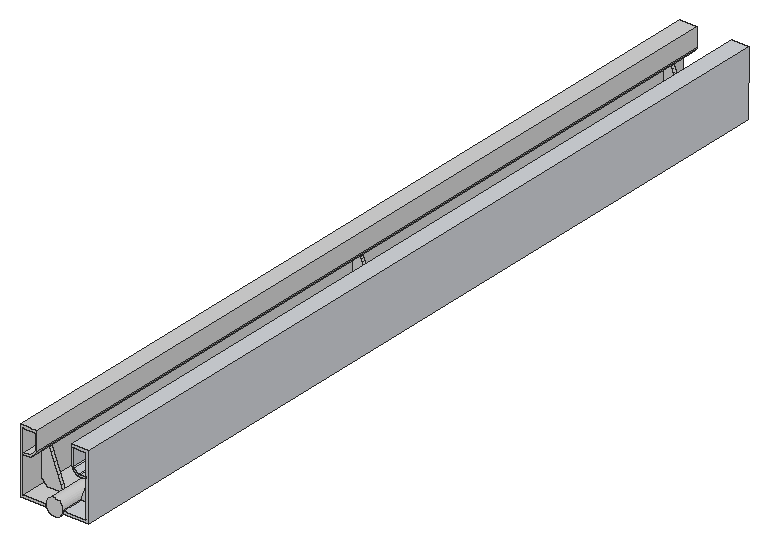
Revit family "ML_ML HINGED OUTSIDE CORNER 4'_1920152", category Generic Models, Revit 2018
Family settings
  Can host rebar = No
  Round Connector Dimension = Use Diameter
  Part Type = Normal
  OmniClass Number = 35.51.14.00
  OmniClass Title = FORMWORK
  Work Plane-Based = Yes
  Always vertical = No
  Cut with Voids When Loaded = No
  Shared = Yes
  Room Calculation Point = No
Parameters
  VERSION = "20190101"  # constant formula
  URL = "www.ulmaconstruction.com/en"
  UNICLASS = ""
  REAL ANGLE [instance] = if(ANGLE > 60.00°, ANGLE, 60.00°)  # 180.00°
  ITEM_CODE = "1920152"
  Manufacturer = "ULMA CONSTRUCTION"  # constant formula
  INSERTION PLANE [instance] = if(REAL ANGLE = 180.00°, 0.000 mm, (4.000 mm) / cos(90.00° - REAL ANGLE) + 4.000 mm * tan(90.00° - REAL ANGLE))  # 0.000 mm
  FILTER [instance] = ""
  Default Elevation = 0.000 mm
  CLASSIFICATION_TITLE = ""
  CLASSIFICATION_NUMBER = ""
  ANGLE [instance] = 180.00°
Reference planes
  plane 1 "Centro (Frontal/Posterior)": y = 0
  plane 2: z = 0
  plane 3 "Centro (Izquierda/Derecha)": x = 0
  plane 4 "ITEM_HEIGHT": y = 1219.2
  plane 5 "CENTER": z = 4
  plane 6 "INSERTION PLANE": x = 0
Forms (mm)
  Extrusion 1, solid, material "ULMA ZINC", detail levels fine
    sketch origin (0, 0, 0) x (-1, 0, 0) y (0, 0, -1)
      loop
        line (12.6, -4) -> (46.8, -4) -> (46.8, -92.5) -> (25.8, -92.5) -> (25.8, -96.5) -> (50.8, -96.5) -> (50.8, 0) -> (12.6, 0) -> (12.6, -4)
    from -1219.2 to 0
  Extrusion 2, solid, material "ULMA ZINC", detail levels fine
    sketch origin (0, 0, 0) x (1, 0, 0) y (0, 0, 1)
      loop
        arc (-28.3, 68.571) -> (-28.49, 67.614) -> (-29.032, 66.803) r 2.5
        line (-29.032, 66.803) -> (-35.103, 60.732)
        arc (-35.103, 60.732) -> (-35.914, 60.19) -> (-36.871, 60) r 2.5
        line (-36.871, 60) -> (-46.8, 60) -> (-46.8, 57.5) -> (-36.871, 57.5)
        arc (-36.871, 57.5) -> (-34.958, 57.881) -> (-33.336, 58.964) r 5
        line (-33.336, 58.964) -> (-27.264, 65.036)
        arc (-27.264, 65.036) -> (-26.181, 66.658) -> (-25.8, 68.571) r 5
        line (-25.8, 68.571) -> (-25.8, 92.5) -> (-28.3, 92.5) -> (-28.3, 68.571)
    from -1219.2 to 0
  Extrusion 3, solid, material "ULMA ZINC", detail levels fine
    sketch origin (0, 0, 0) x (1, 0, 0) y (0, 0, 1)
      loop
        circle (0, 4) r 12.5
    from -1219.2 to 0
  Extrusion 4, solid, material "ULMA ZINC", detail levels fine
    sketch origin (0, 0, 0) x (1, 0, 0) y (0, 0, 1)
      loop
        line (-12.8, 4) -> (-33.3, 57.5) -> (-46.8, 57.5) -> (-46.8, 14) -> (-36.8, 4) -> (-12.8, 4)
    from -33 to -37
  Extrusion 5, solid, material "ULMA ZINC", detail levels fine
    sketch origin (0, 0, 0) x (1, 0, 0) y (0, 0, 1)
      loop
        line (-12.8, 4) -> (-33.3, 57.5) -> (-46.8, 57.5) -> (-46.8, 14) -> (-36.8, 4) -> (-12.8, 4)
    from -1182.2 to -1186.2
  Extrusion 6, solid, material "ULMA ZINC", detail levels fine
    sketch origin (0, 0, 0) x (1, 0, 0) y (0, 0, 1)
      loop
        line (-12.8, 4) -> (-33.3, 57.5) -> (-46.8, 57.5) -> (-46.8, 14) -> (-36.8, 4) -> (-12.8, 4)
    from -607.6 to -611.6
Cuts and joins
  joined: Extrusion 1, Extrusion 2, Extrusion 4
Lines and regions (mm)
  model lines, style "ULMA PANELS", detail levels fine
    curve 1: circle (-50.8, 152.4, 38.1) r 10 normal (1, 0, 0)
    curve 2: circle (-46.8, 152.4, 38.1) r 10 normal (1, 0, 0)
    curve 3: circle (-46.8, 457.2, 38.1) r 10 normal (1, 0, 0)
    curve 4: circle (-46.8, 762, 38.1) r 10 normal (1, 0, 0)
    curve 5: circle (-46.8, 1066.8, 38.1) r 10 normal (1, 0, 0)
    curve 6: circle (-50.8, 457.2, 38.1) r 10 normal (1, 0, 0)
    curve 7: circle (-50.8, 762, 38.1) r 10 normal (1, 0, 0)
    curve 8: circle (-50.8, 1066.8, 38.1) r 10 normal (1, 0, 0)
  model lines, style "ULMA PANELS", detail levels medium
    curve 9: line (0, 1219.2, 0) -> (-50.8, 1219.2, 0)
    curve 10: line (-50.8, 1219.2, 0) -> (-50.8, 0, 0)
    curve 11: line (-50.8, 0, 0) -> (0, 0, 0)
    curve 12: line (0, 0, 0) -> (0, 1219.2, 0)
    curve 13: line (-50.8, 0, 0) -> (-50.8, 0, 96.5)
    curve 14: line (-50.8, 0, 96.5) -> (-50.8, 1219.2, 96.5)
    curve 15: line (-50.8, 1219.2, 96.5) -> (-50.8, 1219.2, 0)
  reference lines
    curve 16: line (0, 0, 4) -> (209.588, 0, 4)
Dimensions and locks
  locked: plane 1 "Centro (Frontal/Posterior)" to curve 2 at 152.4
  locked: plane 1 "Centro (Frontal/Posterior)" to plane 4 "ITEM_HEIGHT" at 1219.2
  locked: curve 1 to plane 1 "Centro (Frontal/Posterior)" at 152.4
  locked: plane 5 "CENTER" to plane 2 at 4
  "INSERTION PLANE": plane 3 "Centro (Izquierda/Derecha)" to plane 6 "INSERTION PLANE"
  "REAL ANGLE": angle plane 5 "CENTER" to curve 16
  aligned and locked: level to plane 2
  aligned and locked: plane 4 "ITEM_HEIGHT" to Extrusion 3
  aligned and locked: Extrusion 3 to Extrusion 1
  aligned and locked: Extrusion 1 to Extrusion 2
  aligned and locked: plane 3 "Centro (Izquierda/Derecha)" to curve 16
  aligned and locked: nested 1 to plane 4 "ITEM_HEIGHT"
  aligned and locked: nested 1 to plane 1 "Centro (Frontal/Posterior)"
  aligned and locked: plane 5 "CENTER" to curve 16
  aligned and locked: curve 16 to nested 1
Automatic sketch dimensions
  Extrusion 1 sketch curve to level = 0.000 mm
  Extrusion 1 sketch curve to level = 4.000 mm
  plane 3 "Centro (Izquierda/Derecha)" to Extrusion 1 sketch curve = 12.600 mm
  plane 3 "Centro (Izquierda/Derecha)" to Extrusion 1 sketch curve = 25.800 mm
  Extrusion 1 sketch curve to Extrusion 1 sketch curve = 34.200 mm
  Extrusion 1 sketch curve to Extrusion 1 sketch curve = 4.000 mm  (x2)
  Extrusion 1 sketch curve to Extrusion 1 sketch curve = 88.500 mm
  Extrusion 2 sketch curve to Extrusion 2 sketch curve = 0.000 mm  (x4)
  Extrusion 2 sketch curve to plane 3 "Centro (Izquierda/Derecha)" = 46.800 mm
  Extrusion 2 sketch curve to Extrusion 2 sketch curve = 9.929 mm
  Extrusion 2 sketch curve to Extrusion 2 sketch curve = 1.768 mm  (x4)
  Extrusion 2 sketch curve to Extrusion 2 sketch curve = 6.071 mm  (x2)
  Extrusion 2 sketch curve to Extrusion 2 sketch curve = 2.500 mm  (x3)
  level to Extrusion 2 sketch curve = 57.500 mm
  Extrusion 2 sketch curve to Extrusion 2 sketch curve = 1.464 mm
  Extrusion 2 sketch curve to Extrusion 2 sketch curve = 23.929 mm
  Extrusion 3 sketch curve to plane 3 "Centro (Izquierda/Derecha)" = 0.000 mm
  level to Extrusion 3 sketch curve = 4.000 mm
  curve 9 to plane 4 "ITEM_HEIGHT" = 0.000 mm
  plane 1 "Centro (Frontal/Posterior)" to curve 10 = 0.000 mm
  curve 9 to plane 3 "Centro (Izquierda/Derecha)" = 0.000 mm
  curve 11 to plane 3 "Centro (Izquierda/Derecha)" = 50.800 mm
  curve 13 to Extrusion 1 = 0.000 mm  (x3)
  curve 15 to Extrusion 1 = 0.000 mm  (x2)
  Extrusion 4 sketch curve to plane 5 "CENTER" = 0.000 mm
  Extrusion 4 sketch curve to plane 3 "Centro (Izquierda/Derecha)" = 46.800 mm
  Extrusion 4 sketch curve to Extrusion 4 sketch curve = 10.000 mm
  Extrusion 4 sketch curve to Extrusion 4 sketch curve = 13.500 mm
  Extrusion 4 sketch curve to plane 3 "Centro (Izquierda/Derecha)" = 12.800 mm
  plane 5 "CENTER" to Extrusion 4 sketch curve = 10.000 mm
  Extrusion 4 sketch curve to Extrusion 4 sketch curve = 43.500 mm
  Extrusion 5 sketch curve to plane 5 "CENTER" = 0.000 mm
  plane 5 "CENTER" to Extrusion 5 sketch curve = 10.000 mm
  Extrusion 5 sketch curve to plane 3 "Centro (Izquierda/Derecha)" = 46.800 mm
  Extrusion 5 sketch curve to Extrusion 5 sketch curve = 10.000 mm
  Extrusion 5 sketch curve to Extrusion 5 sketch curve = 13.500 mm
  Extrusion 5 sketch curve to plane 3 "Centro (Izquierda/Derecha)" = 12.800 mm
  Extrusion 5 sketch curve to Extrusion 5 sketch curve = 43.500 mm
  Extrusion 6 sketch curve to plane 5 "CENTER" = 0.000 mm
  plane 5 "CENTER" to Extrusion 6 sketch curve = 10.000 mm
  Extrusion 6 sketch curve to plane 3 "Centro (Izquierda/Derecha)" = 46.800 mm
  Extrusion 6 sketch curve to Extrusion 6 sketch curve = 10.000 mm
  Extrusion 6 sketch curve to Extrusion 6 sketch curve = 13.500 mm
  Extrusion 6 sketch curve to plane 3 "Centro (Izquierda/Derecha)" = 12.800 mm
  Extrusion 6 sketch curve to Extrusion 6 sketch curve = 43.500 mm
  plane 5 "CENTER" to curve 2 = 34.100 mm
  curve 2 to plane 1 "Centro (Frontal/Posterior)" = 152.400 mm
  plane 5 "CENTER" to curve 3 = 34.100 mm
  curve 2 to curve 3 = 304.800 mm
  plane 5 "CENTER" to curve 4 = 34.100 mm
  curve 3 to curve 4 = 304.800 mm
  plane 5 "CENTER" to curve 5 = 34.100 mm
  curve 5 to plane 4 "ITEM_HEIGHT" = 152.400 mm
  plane 5 "CENTER" to curve 8 = 34.100 mm
  curve 8 to plane 4 "ITEM_HEIGHT" = 152.400 mm
  plane 5 "CENTER" to curve 7 = 34.100 mm
  curve 8 to curve 7 = 304.800 mm
  plane 5 "CENTER" to curve 6 = 34.100 mm
  curve 7 to curve 6 = 304.800 mm
  plane 5 "CENTER" to curve 1 = 34.100 mm
  curve 1 to plane 1 "Centro (Frontal/Posterior)" = 152.400 mm
  radius of Extrusion 3 sketch curve = 12.500 mm
  radius of curve 2 = 10.000 mm
  radius of curve 3 = 10.000 mm
  radius of curve 4 = 10.000 mm
  radius of curve 5 = 10.000 mm
  radius of curve 8 = 10.000 mm
  radius of curve 7 = 10.000 mm
  radius of curve 6 = 10.000 mm
  radius of curve 1 = 10.000 mm
Nested families
  nested 1: "LATERAL - 1920122_PANELS" at (0, 1219.2, 0), type "LATERAL - 1920122_PANELS"
    with FILTER ""
Definition of nested family "LATERAL - 1920122_PANELS"
  Parameters (values of type "LATERAL - 1920122_PANELS")
    VERSION = "20190101"  # constant formula
    URL = "www.ulmaconstruction.com/en"
    UNICLASS = ""
    Manufacturer = "ULMA CONSTRUCTION"  # constant formula
    FILTER [instance] = ""
    Default Elevation = 0.000 mm
    CLASSIFICATION_TITLE = ""
    CLASSIFICATION_NUMBER = ""
  Reference planes
    plane 1 "Centro (Frontal/Posterior)": y = 0
    plane 2: z = 0
    plane 3 "Centro (Izquierda/Derecha)": x = 0
    plane 4 "ITEM_HEIGHT": y = 1219.2
  Forms (mm)
    Extrusion 1, solid, detail levels fine
      sketch origin (0, 0, 0) x (1, 0, 0) y (0, 0, 1)
        loop
          line (12.6, 4) -> (12.6, 0) -> (50.8, 0) -> (50.8, 96.5) -> (25.8, 96.5) -> (25.8, 92.5) -> (46.8, 92.5) -> (46.8, 4) -> (12.6, 4)
      from -1219.2 to 0
    Extrusion 2, solid, detail levels fine
      sketch origin (0, 0, 0) x (-1, 0, 0) y (0, 0, -1)
        loop
          line (-28.3, -68.571) -> (-28.3, -92.5) -> (-25.8, -92.5) -> (-25.8, -68.571)
          arc (-25.8, -68.571) -> (-26.181, -66.658) -> (-27.264, -65.036) r 5
          line (-27.264, -65.036) -> (-33.336, -58.964)
          arc (-33.336, -58.964) -> (-34.958, -57.881) -> (-36.871, -57.5) r 5
          line (-36.871, -57.5) -> (-46.8, -57.5) -> (-46.8, -60) -> (-36.871, -60)
          arc (-36.871, -60) -> (-35.914, -60.19) -> (-35.103, -60.732) r 2.5
          line (-35.103, -60.732) -> (-29.032, -66.803)
          arc (-29.032, -66.803) -> (-28.49, -67.614) -> (-28.3, -68.571) r 2.5
      from -1219.2 to 0
    Extrusion 3, solid, detail levels fine
      sketch origin (0, 0, 0) x (1, 0, 0) y (0, 0, 1)
        loop
          line (12.8, 4) -> (36.8, 4) -> (46.8, 14) -> (46.8, 57.5) -> (33.3, 57.5) -> (12.8, 4)
      from -37 to -33
    Extrusion 4, solid, detail levels fine
      sketch origin (0, 0, 0) x (1, 0, 0) y (0, 0, 1)
        loop
          line (12.8, 4) -> (36.8, 4) -> (46.8, 14) -> (46.8, 57.5) -> (33.3, 57.5) -> (12.8, 4)
      from -611.6 to -607.6
    Extrusion 5, solid, detail levels fine
      sketch origin (0, 0, 0) x (1, 0, 0) y (0, 0, 1)
        loop
          line (12.8, 4) -> (36.8, 4) -> (46.8, 14) -> (46.8, 57.5) -> (33.3, 57.5) -> (12.8, 4)
      from -1186.2 to -1182.2
  Lines and regions (mm)
    model lines, detail levels medium
      curve 1: line (0, 1219.2, 0) -> (50.8, 1219.2, 0)
      curve 2: line (50.8, 0, 0) -> (0, 0, 0)
      curve 5: line (50.8, 1219.2, 0) -> (50.8, 0, 0)
      curve 6: line (50.8, 0, 0) -> (50.8, 0, 96.5)
      curve 7: line (50.8, 0, 96.5) -> (50.8, 1219.2, 96.5)
      curve 8: line (50.8, 1219.2, 96.5) -> (50.8, 1219.2, 0)
    model lines, detail levels fine
      curve 3: circle (50.8, 152.4, 38.1) r 10 normal (1, 0, 0)
      curve 4: circle (46.8, 152.4, 38.1) r 10 normal (1, 0, 0)
      curve 9: circle (50.8, 457.2, 38.1) r 10 normal (1, 0, 0)
      curve 10: circle (50.8, 762, 38.1) r 10 normal (1, 0, 0)
      curve 11: circle (50.8, 1066.8, 38.1) r 10 normal (1, 0, 0)
      curve 12: circle (46.8, 457.2, 38.1) r 10 normal (1, 0, 0)
      curve 13: circle (46.8, 762, 38.1) r 10 normal (1, 0, 0)
      curve 14: circle (46.8, 1066.8, 38.1) r 10 normal (1, 0, 0)
  Dimensions and locks
    locked: plane 1 "Centro (Frontal/Posterior)" to plane 4 "ITEM_HEIGHT" at 1219.2
    locked: plane 1 "Centro (Frontal/Posterior)" to curve 3 at 152.4
    locked: curve 4 to plane 1 "Centro (Frontal/Posterior)" at 152.4
    aligned and locked: level to plane 2
    aligned and locked: Extrusion 2 to Extrusion 1
    aligned and locked: plane 4 "ITEM_HEIGHT" to Extrusion 1
